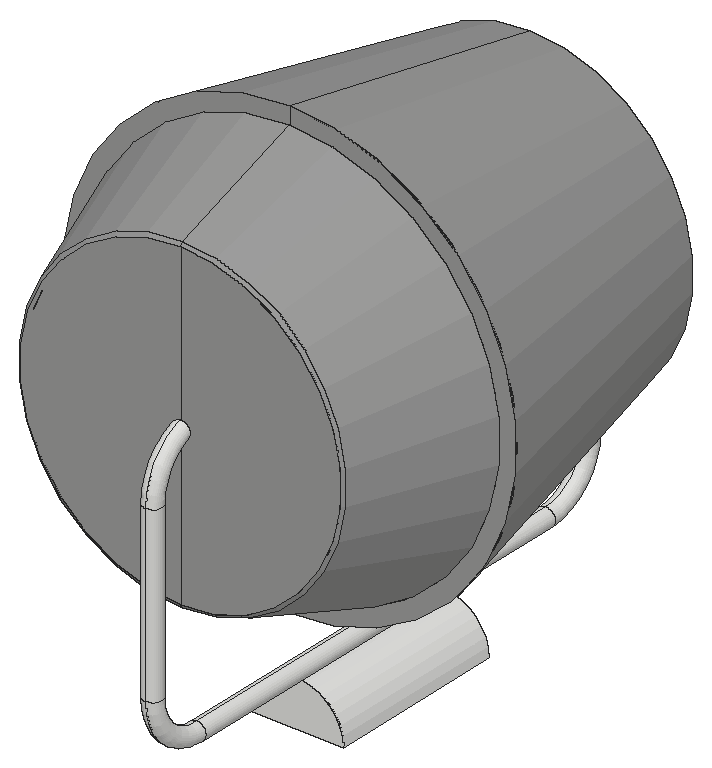
Revit family "Lighting_Wall-Mounted_Zero_Elements_Wall", category Lighting Fixtures, host Face, Revit 2020
Family settings
  Host = Face
  Round Connector Dimension = Use Diameter
  Part Type = Normal
  OmniClass Number = 23.80.70.00
  OmniClass Title = Lighting
  Cut with Voids When Loaded = No
  Light Source = Yes
  Shared = No
  Room Calculation Point = No
Parameters (values of type "E27/Max 42W White w/ cable")
  Youtube clip = ""
  Weight Net (Kg) = "1.7"
  Wattage = 4.77306 W
  WarrantyStartDate [instance] = "n/a"
  WarrantyGuarantorParts = "n/a"
  WarrantyGuarantorLabor = "n/a"
  WarrantyDurationUnit = "Year"
  WarrantyDurationParts = "n/a"
  WarrantyDurationLabor = "n/a"
  WarrantyDescription = "n/a"
  built-in parameter 1150110 = 1 (stored number, unit not read)
  VersionDate = "31/08/2023"  # constant formula
  Version = "3"  # constant formula
  UsageCurrent = 0 A
  Uniformat II Description = ""
  Uniformat II Code = ""
  Uniclass2015Reference = "Pr_70_70_48_85"
  Uniclass2015Description = "Surface luminaires"
  Uniclass2 = "Pr_70_70_49"
  Uniclass 2015 Name = ""
  Uniclass 2015 Code = ""
  Uniclass 2.0 Description = ""
  Uniclass 2.0 Code = ""
  Uniclass 1.4 Description = ""
  Uniclass 1.4 Code = ""
  URL = "https://www.zerolighting.com/elements-inomva/"
  UNSPSC Code = ""
  TotalWattage = 9 W
  built-in parameter 1114217 = 1 (stored number, unit not read)
  Tilt Angle = -90.00°
  built-in parameter 1150109 = 1 (stored number, unit not read)
  built-in parameter 1150134 = 3
  Technical description = ""
  TagNumber [instance] = "n/a"
  SustainabilityPerformance = "n/a"
  built-in parameter 1150113 = 1 (stored number, unit not read)
  Size = "250x320x240 mm"
  Shape = "Sculptured"
  SerialNumber [instance] = "n/a"
  Revision = "5"  # constant formula
  ReplacementCost = "n/a"
  Region South America = "None"
  Region Oceania = "AU, NZ"
  Region North America = "BZ, CR, GT, HN, MX, NI, PA, SV, US"
  Region Middle East = "AE"
  Region Europe = "AD, AL, AT, AX, BA, BE, BG, BY, CH, CY, CZ, DE, DK, EE, ES, FI, FO, FR, GB, GG, GI, GR, HR, HU, IE, IM, IS, IT, JE, LI, LT, LU, LV, MC, MD, ME, MK, MT, NL, NO, PL, PT, RO, RS, RU, SE, SI, SJ, SK, SM, UA, VA"
  Region Asia = "HK, JP, SG"
  Region Antarctica = "None"
  Region Africa = "None"
  ProductInformation = "Elements is a complete family originating from Note Design Studio´s fascination for the Nordic mountains and its light. Dawn, dusk, midnight sun. Glittering lakes, wilderness and flora. Elements simple shapes direct the light and well-balanced materials give the design elasticity and great usability."
  Product group = "Wall fixture"
  Product family = "Elements"
  Product certification = ""
  Product SKU = "Elements_wall_fixture"
  Product Guid = "a15b75e4-9841-4e17-829b-b01444f0d7a7"
  Photometric Web File = "Elements83331.IES"
  PhaseReference = "n/a"
  PhaseAngle = 0.00°
  OmniClass Description = ""
  OmniClass Code = ""
  NumberOfSources = 0
  NumberOfPoles = 1
  NominalVoltageCalc = 0 V
  NominalVoltage = 230 V
  NominalLength = 250 mm
  NominalFrequencyRange = 50 Hz
  NominalCurrent = 0 A
  Nominal width = 250 mm
  Nominal height = 310 mm
  Name = "Zero_Elements_Wall"  # constant formula
  NBSReference = "90-60-50/405"
  NBSDescription = "General purpose luminaires"
  NBS Reference Description = ""
  NBS Reference Code = ""
  Model = "Elements wall E27/Max 42W White with cable"
  Material secondary = "Steel"
  Material main = "Fabric"
  Masterformat 2014 Description = ""
  Masterformat 2014 Code = ""
  Manufacturer name = "ZERO"
  Manufacturer country = "Sweden"
  Manufacturer = "Zero"
  ModelReference = "n/a"
  ModelNumber = ArticleNumber  # "8340-1-01"
  Material = "Fabric"
  ManufacturersSpecificInformation = "n/a"
  ManufacturerURL = "https://www.zerolighting.com/"
  ManufacturerName = "Zero"
  MaintenanceFactor = 0
  built-in parameter 1150105 = 207.41 (stored number, unit not read)
  Lumens = 709 lm
  built-in parameter 1150115 = 1 (stored number, unit not read)
  LightFixtureSecondaryMaterial = White steel
  LightFixturePlacingType = "Wall"
  LightFixtureMountingType = "Surface"
  LightFixtureMainMaterial = Kinnasand Chico White
  built-in parameter 1150137 = (empty or 0)
  built-in parameter 1150139 = (empty or 0)
  LensMaterial = Matt Acrylic
  built-in parameter 1150112 = 1 (stored number, unit not read)
  built-in parameter 1150114 = 1 (stored number, unit not read)
  InsulationStandardClass = "n/a"
  InstallationDate [instance] = "n/a"
  Installation instructions = ""
  built-in parameter 1150132 = 2
  built-in parameter 1150102 = (empty or 0)
  built-in parameter 1150107 = 3200 (stored number, unit not read)
  built-in parameter 1150138 = (empty or 0)
  built-in parameter 1150106 = 2.0741 (stored number, unit not read)
  IfcExportType = "NOTDEFINED"  # constant formula
  IfcExportAs = "IfcLightFixtureType"  # constant formula
  IP_Code = "IP20"
  IFC Classification = ""
  HasProtectiveEarth = no
  Grade = "n/a"
  GTIN code = ""
  Finish = "Shade in fabric"
  Features = "2,5m textile cable with switch and plug"
  ExpectedLife = "n/a"
  Emit from Circle Diameter = 609.6 mm
  Emit Shape Visible in Rendering = no
  ElectricalDeviceNominalPower = 0
  built-in parameter 1150104 = 13.8 (stored number, unit not read)
  Edition number = 1
  EANNumber = "n/a"
  DurationUnit = "Year"
  Dimming Lamp Color Temperature Shift = <None>
  Dimming = "None"
  Designer = "Note Design Studio"
  Design country = "Sweden"
  Default Elevation = 0 mm
  Date of publishing = ""
  Constituents = "n/a"
  Color Filter = 16777215
  Color = "White"
  Collection = "Elements"
  CodePerformance = "n/a"
  Category = "Wall"
  COBIe Type Category = ""
  Brand url = "http://www.zero.se"
  Brand = "Zero"
  Barcode [instance] = "n/a"
  built-in parameter 1114218 = 1 (stored number, unit not read)
  BIMObjectName = "Lighting_Wall-Mounted_Zero_Elements_Wall"  # constant formula
  Author = "BIMstone"  # constant formula
  built-in parameter 1150133 = 10 (stored number, unit not read)
  AssetType = "Fixed"
  AssetIdentifier [instance] = "n/a"
  ArticleNumber = "8340-1-01"
  AccessibilityPerformance = "n/a"
Types (6, lengths in mm): name | Model | ModelNumber | LightFixtureSecondaryMaterial | LightFixtureMainMaterial | Features | Color | ArticleNumber
  E27/Max 42W White | "Elements wall E27/Max 42W White" | "8339-1-01" | White steel | Kinnasand Chico White | "n/a" | "White" | "8339-1-01"
  E27/Max 42W Blue | "Elements wall E27/Max 42W Blue" | "8339-1-08" | Blue Steel | Kvadrat Time Blue 300/683 | "n/a" | "Blue" | "8339-1-08"
  E27/Max 42W Apricot | "Elements wall E27/Max 42W Apricot" | "8339-1-17" | Apricot Steel | Kvadrat Time Apricot 300/643 | "n/a" | "Apricot" | "8339-1-17"
  E27/Max 42W Apricot w/ cable | "Elements wall E27/Max 42W Apricot with cable" | "8340-1-17" | Apricot Steel | Kvadrat Time Apricot 300/643 | "2,5m textile cable with switch and plug" | "Apricot" | "8340-1-17"
  E27/Max 42W Blue w/ cable | "Elements wall E27/Max 42W Blue with cable" | "8340-1-08" | Blue Steel | Kvadrat Time Blue 300/683 | "2,5m textile cable with switch and plug" | "Blue" | "8340-1-08"
  E27/Max 42W White w/ cable | "Elements wall E27/Max 42W White with cable" | "8340-1-01" | White steel | Kinnasand Chico White | "2,5m textile cable with switch and plug" | "White" | "8340-1-01"
Reference planes
  plane 1 "Center (Front/Back)": y = 0
  plane 2: z = 0
  plane 3 "Center (Left/Right)": x = 0
  plane 4: y = 155
  plane 5: y = -155
  plane 6: x = -125
  plane 7: x = 125
  plane 8: z = 310
Forms (mm)
  Extrusion 1, solid, material "Kinnasand Chico White" <- "LightFixtureMainMaterial", detail levels coarse
    sketch origin (0, 0, 0) x (0, 1, 0) y (0, 0, 1)
      loop
        line (155, 310) -> (-155, 310) -> (-155, 0) -> (155, 0) -> (155, 310)
    from -125 to 125
Dimensions and locks
  equal spacing: plane 4, plane 1 "Center (Front/Back)", plane 5
  plane 4 to plane 5 = 310 mm
  equal spacing: plane 6, plane 3 "Center (Left/Right)", plane 7
  "NominalLength": plane 6 to plane 7
  plane 8 to host face = 310 mm
  aligned and locked: plane 2 to host face
  aligned and locked: level to host face
  aligned and locked: plane 8 to Extrusion 1 sketch curve
  aligned and locked: Extrusion 1 sketch curve to level
  aligned and locked: Extrusion 1 to plane 6
  aligned and locked: plane 7 to Extrusion 1
  aligned and locked: plane 4 to Extrusion 1
  aligned and locked: Extrusion 1 to plane 5
  aligned and locked: Extrusion 1 to host face
Automatic sketch dimensions
  host sketch curve to host sketch curve = 2438.4 mm  (x2)
  plane 5 to Extrusion 1 sketch curve = 0 mm
  Extrusion 1 sketch curve to plane 4 = 0 mm
Nested families
  nested 1: "elements_wall" at (0, 0, 0), Lens <- "LensMaterial", Main <- "LightFixtureMainMaterial", Steel <- "LightFixtureSecondaryMaterial", type "elements_wall"
    with Steel White steel, Main Kinnasand Chico White, Lens Matt Acrylic
Connectors
  electrical at (0, 0, 0), driven by "NominalVoltage"
    settings: on Extrusion 1, index 1, voltage 230 V, apparent load 0 VA, apparent load phase1 0 VA, apparent load phase2 0 VA, apparent load phase3 0 VA, power factor 1, load classification "Other", number of poles 1, system type 31, power factor state 1, is connector primary yes, connector utility no, sub classification motor no, connector description ""
Definition of nested family "elements_wall"
  Parameters (values of type "elements_wall")
    Steel [instance] = none
    Main [instance] = none
    Lens [instance] = none
    Default Elevation = 0 mm
  Reference planes
    plane 1 "Center (Front/Back)": y = 0
    plane 2: z = 0
    plane 3 "Center (Left/Right)": x = 0
    plane 4: y = 109.203
    plane 5: x = -125
    plane 6: x = 125
    plane 7: y = 155.086
    plane 8: y = -155.086
  Forms (mm)
    Revolve 1, solid, material <- "Main", detail levels medium+fine
      sketch origin (0.188, -130.797, 185) x (0, 0, -1) y (0, 1, 0)
        loop
          line (0, 0) -> (88.253, 0) -> (90.203, 1.637) -> (115.401, 74.817) -> (125, 74.817) -> (89.441, 240) -> (87.019, 240) -> (87.019, 237) -> (121.285, 77.817) -> (113.261, 77.817) -> (87.5, 3) -> (0, 3) -> (0, 0)
        axis (0, 240) -> (0, 0)
      angle from 0 to 360
    Sweep 2, solid, material <- "Steel", detail levels medium+fine
      path origin (0.188, -1318, 134.5) x (0, 0, -1) y (0, 1, 0)
        loop
          line (-50.486, 1409) -> (-50.486, 1438.009)
          arc (-50.486, 1438.009) -> (-41.7, 1459.218) -> (-20.488, 1468) r 29.991
          line (-20.488, 1468) -> (74.543, 1468)
          arc (74.543, 1468) -> (95.743, 1459.211) -> (104.504, 1438) r 29.961
          line (104.504, 1438) -> (104.504, 1198)
          arc (104.504, 1198) -> (95.717, 1176.787) -> (74.504, 1168) r 30
          line (74.504, 1168) -> (-20.488, 1168)
          arc (-20.488, 1168) -> (-41.72, 1176.784) -> (-50.542, 1198) r 30.054
          line (-50.542, 1198) -> (-50.542, 1225.974)
      profile origin (0.188, 105.504, 184.986) x (0, 0, 1) y (1, 0, 0)
        loop
          circle (0, 0) r 5
    Extrusion 3, solid, material <- "Lens", detail levels medium+fine
      sketch origin (0.188, -1318, 134.5) x (0, 0, -1) y (-1, 0, 0)
        loop
          line (-50.542, 5.016) -> (36.374, 5.016)
          arc (36.374, 5.016) -> (-53.009, 86.982) -> (-137.519, 0) r 87.019
          arc (-137.519, 0) -> (-53.001, -86.983) -> (36.375, -5) r 87.019
          line (36.375, -5) -> (-50.542, -5)
          arc (-50.542, -5) -> (-55.55, 0.008) -> (-50.542, 5.016) r 5.008
      from 1424.203 to 1427.203
    Extrusion 4, solid, material <- "Steel", detail levels medium+fine
      sketch origin (0, 0, 0) x (1, 0, 0) y (0, 0, 1)
        loop
          line (-25, 0) -> (25, 0)
          arc (25, 0) -> (0, 25) -> (-25, 0) r 25
      from -50 to 50
  Lines and regions (mm)
    symbolic lines, detail levels fine
      curve 1: line (0.188, 109.203, 0) -> (-4.827, 109.203, 0)
      curve 3: line (0.188, -55.98, 0) -> (-114.899, -55.98, 0)
      curve 5: line (0.188, -130.797, 0) -> (-4.827, -130.797, 0)
      curve 13: line (5.188, 109.203, 0) -> (0.188, 109.203, 0)
      curve 15: arc (0.188, 0, 300.401) -> (-115.184, 0, 187.568) -> (-4.945, 0, 69.713) r 115.401
      curve 16: arc (0.188, 0, 275.203) -> (-89.976, 0, 187.667) -> (-5.144, 0, 94.954) r 90.203
      curve 17: arc (0.188, 0, 273.253) -> (88.407, 0, 187.434) -> (5.055, 0, 96.882) r 88.253
      curve 20: line (-4.945, 0, 184.506) -> (-4.945, 0, 96.897)
      curve 21: line (5.055, 0, 184.506) -> (5.055, 0, 96.882)
      curve 22: arc (5.055, 0, 184.506) -> (0.055, 0, 189.506) -> (-4.945, 0, 184.506) r 5
      curve 23: line (-4.945, 0, 96.897) -> (-4.945, 0, 69.713)
      curve 24: line (5.055, 0, 96.882) -> (5.055, 0, 94.928)
      curve 25: line (5.055, 0, 94.928) -> (5.055, 0, 69.701)
      curve 26: arc (5.055, 0, 94.928) -> (90.359, 0, 187.434) -> (0.188, 0, 275.203) r 90.203
      curve 27: arc (-4.945, 0, 96.897) -> (-88.027, 0, 187.568) -> (0.188, 0, 273.253) r 88.253
      curve 28: line (-4.945, 0, 69.713) -> (-4.945, 0, 60.105)
      curve 29: line (5.055, 0, 69.701) -> (5.055, 0, 60.095)
      curve 30: arc (5.055, 0, 69.701) -> (115.564, 0, 187.434) -> (0.188, 0, 300.401) r 115.401
      curve 35: arc (5.055, 0, 24.484) -> (0.056, 0, 25) -> (-4.945, 0, 24.506) r 25
      curve 36: line (0, -55.98, 60) -> (0, -55.98, 300.087)
      curve 37: line (0, 109.203, 95.559) -> (0, 109.203, 180.231)
      curve 38: line (0, -130.797, 96.747) -> (0, -130.797, 177.547)
      curve 42: line (0, -130.797, 96.747) -> (0, -129.16, 95.11)
      curve 43: line (0, -129.16, 95.11) -> (0, -55.98, 69.913)
      curve 44: line (0, 109.203, 95.559) -> (0, -55.98, 60)
      curve 49: line (0, -50, 25) -> (0, 50, 25)
      curve 53: line (0, -145.086, 155) -> (0, -145.086, 60)
      curve 54: line (0, 120.086, 35) -> (0, -120.086, 35)
      curve 55: arc (0, -120.086, 35) -> (0, -137.763, 42.322) -> (0, -145.086, 60) r 25
      curve 58: line (0, 145.086, 155) -> (0, 145.086, 60)
      curve 59: arc (0, 120.086, 35) -> (0, 137.763, 42.322) -> (0, 145.086, 60) r 25
      curve 60: arc (0, -130.797, 177.547) -> (0, -141.213, 168.347) -> (0, -145.086, 155) r 24.934
      curve 62: arc (0, 119.855, 180.231) -> (0, 137.696, 172.841) -> (0, 145.086, 155) r 25.231
      curve 64: line (0, 119.855, 180.231) -> (0, 109.203, 180.231)
      curve 67: line (0, 109.203, 180.231) -> (0, 109.203, 189.83)
      curve 68: line (0, -130.797, 177.547) -> (0, -130.797, 188.654)
      curve 76: line (115.276, -55.98, 0) -> (0.188, -55.98, 0)
      curve 81: line (5.188, -130.797, 0) -> (0.188, -130.797, 0)
    symbolic lines, detail levels medium+fine
      curve 2: line (89.63, 109.203, 0) -> (5.188, 109.203, 0)
      curve 4: line (125.188, -55.98, 0) -> (115.276, -55.98, 0)
      curve 6: line (88.441, -130.797, 0) -> (5.188, -130.797, 0)
      curve 7: line (-124.812, -55.98, 0) -> (-89.253, 109.203, 0)
      curve 8: line (89.63, 109.203, 0) -> (125.188, -55.98, 0)
      curve 9: line (-4.827, 109.203, 0) -> (-4.827, 150.204, 0)
      curve 10: line (5.188, 109.203, 0) -> (5.188, 150.204, 0)
      curve 11: arc (-4.827, 150.204, 0) -> (0.18, 155.212, 0) -> (5.188, 150.204, 0) r 5.008
      curve 12: line (-4.827, 109.203, 0) -> (-89.253, 109.203, 0)
      curve 14: arc (0.188, 0, 310) -> (-124.785, 0, 187.567) -> (-4.945, 0, 60.105) r 125
      curve 18: arc (25, 0, 0) -> (19.383, 0, 15.79) -> (5.055, 0, 24.484) r 25
      curve 19: line (-25, 0, 0) -> (25, 0, 0)
      curve 31: line (5.055, 0, 60.095) -> (5.055, 0, 24.484)
      curve 32: arc (5.055, 0, 60.095) -> (125.165, 0, 187.434) -> (0.188, 0, 310) r 125
      curve 33: line (-4.945, 0, 60.105) -> (-4.945, 0, 24.506)
      curve 34: arc (-4.945, 0, 24.506) -> (-19.347, 0, 15.833) -> (-25, 0, 0) r 25
      curve 39: line (0, 109.203, 274.441) -> (0, -55.98, 310)
      curve 40: line (0, -130.797, 273.253) -> (0, -129.16, 274.89)
      curve 41: line (0, -129.16, 274.89) -> (0, -55.98, 300.087)
      curve 45: line (0, 50, 0) -> (0, 50, 25)
      curve 46: line (0, -50, 0) -> (0, 50, 0)
      curve 47: line (0, -50, 25) -> (0, -50, 0)
      curve 48: line (0, -50, 25) -> (0, -120.086, 25)
      curve 50: line (0, 50, 25) -> (0, 120.086, 25)
      curve 51: line (0, -155.086, 155) -> (0, -155.086, 60)
      curve 52: arc (0, -120.086, 25) -> (0, -144.834, 35.251) -> (0, -155.086, 60) r 35
      curve 56: line (0, 155.086, 155) -> (0, 155.086, 60)
      curve 57: arc (0, 120.086, 25) -> (0, 144.834, 35.251) -> (0, 155.086, 60) r 35
      curve 61: arc (0, -130.797, 188.654) -> (0, -148.379, 175.752) -> (0, -155.086, 155) r 35.46
      curve 63: arc (0, 119.855, 189.83) -> (0, 144.742, 179.771) -> (0, 155.086, 155) r 34.833
      curve 65: line (0, 119.855, 189.83) -> (0, 109.203, 189.83)
      curve 66: line (0, 109.203, 189.83) -> (0, 109.203, 274.441)
      curve 69: line (0, -130.797, 188.654) -> (0, -130.797, 273.253)
      curve 70: line (0, -55.98, 300.087) -> (0, -55.98, 310)
      curve 71: line (-88.064, -130.797, 0) -> (-89.701, -129.16, 0)
      curve 72: line (-89.701, -129.16, 0) -> (-114.899, -55.98, 0)
      curve 73: line (88.441, -130.797, 0) -> (90.078, -129.16, 0)
      curve 74: line (90.078, -129.16, 0) -> (115.276, -55.98, 0)
      curve 75: line (-114.899, -55.98, 0) -> (-124.812, -55.98, 0)
      curve 77: arc (-4.827, -150.204, 0) -> (0.18, -155.212, 0) -> (5.188, -150.204, 0) r 5.008
      curve 78: line (-4.827, -130.797, 0) -> (-4.827, -150.204, 0)
      curve 79: line (5.188, -130.797, 0) -> (5.188, -150.204, 0)
      curve 80: line (-4.827, -130.797, 0) -> (-88.064, -130.797, 0)
  Dimensions and locks
    equal spacing: plane 5, plane 3 "Center (Left/Right)", plane 6
    plane 5 to plane 6 = 250 mm
    equal spacing: plane 7, plane 1 "Center (Front/Back)", plane 8
    plane 7 to plane 8 = 310.171 mm
    aligned and locked: level to plane 2
    aligned and locked: curve 2 to Revolve 1
    aligned and locked: curve 3 to Revolve 1
    aligned and locked: curve 4 to Revolve 1
    aligned and locked: curve 5 to Revolve 1
    aligned and locked: curve 6 to Revolve 1
    aligned and locked: curve 14 to Revolve 1
    aligned and locked: curve 15 to Revolve 1
    aligned and locked: curve 16 to Revolve 1
    aligned and locked: curve 17 to Revolve 1
    aligned and locked: curve 18 to Extrusion 4
    aligned and locked: curve 19 to Extrusion 4
    aligned and locked: curve 36 to Revolve 1
    aligned and locked: curve 37 to Revolve 1
    aligned and locked: curve 38 to Revolve 1
    aligned and locked: curve 45 to Extrusion 4
    aligned and locked: curve 46 to Extrusion 4
    aligned and locked: curve 47 to Extrusion 4
  Automatic sketch dimensions
    curve 52 to curve 55 = 0 mm  (x2)
    curve 57 to curve 59 = 0 mm  (x2)
    curve 51 to plane 8 = 0 mm
    curve 47 to level = 0 mm
    curve 56 to plane 7 = 0 mm
    plane 8 to curve 53 = 10 mm
    plane 8 to curve 38 = 24.288 mm
    curve 38 to curve 42 = 1.637 mm
    curve 40 to curve 40 = 1.637 mm  (x2)
    curve 53 to curve 60 = 24.934 mm
    plane 8 to curve 48 = 35 mm
    curve 60 to curve 61 = 0.526 mm
    plane 1 "Center (Front/Back)" to curve 39 = 55.98 mm
    plane 1 "Center (Front/Back)" to curve 47 = 50 mm
    curve 46 to plane 1 "Center (Front/Back)" = 50 mm
    curve 44 to plane 7 = 45.883 mm
    curve 62 to curve 62 = 25.231 mm
    curve 65 to curve 64 = 0 mm
    level to curve 50 = 25 mm
    curve 50 to plane 7 = 35 mm
    curve 62 to curve 63 = 0.398 mm
    curve 47 to curve 44 = 35 mm
    curve 55 to curve 42 = 35.11 mm
    curve 57 to curve 44 = 35.559 mm
    curve 42 to curve 38 = 1.637 mm
    curve 38 to curve 53 = 58.253 mm
    curve 37 to curve 56 = 59.441 mm
    curve 62 to curve 63 = 0 mm
    curve 60 to curve 61 = 0 mm
    curve 68 to curve 40 = 84.598 mm
    curve 65 to curve 39 = 84.611 mm
    curve 40 to curve 70 = 25.198 mm
    curve 36 to curve 70 = 9.913 mm
    curve 36 to curve 43 = 9.913 mm
    curve 14 to curve 26 = 0 mm
    curve 14 to curve 27 = 0 mm
    curve 14 to curve 30 = 0 mm
    curve 14 to curve 32 = 0 mm
    curve 18 to curve 34 = 0 mm
    curve 18 to curve 35 = 0 mm  (x2)
    curve 28 to plane 3 "Center (Left/Right)" = 4.945 mm
    plane 3 "Center (Left/Right)" to curve 22 = 0.055 mm
    curve 20 to curve 15 = 0.494 mm
    curve 16 to curve 20 = 0.198 mm
    plane 5 to curve 75 = 0.188 mm
    curve 7 to curve 75 = 9.913 mm
    plane 5 to curve 71 = 35.299 mm
    plane 5 to curve 12 = 35.747 mm
    curve 71 to curve 80 = 1.637 mm
    curve 78 to plane 3 "Center (Left/Right)" = 4.827 mm
    curve 12 to plane 3 "Center (Left/Right)" = 4.827 mm
    plane 3 "Center (Left/Right)" to curve 11 = 0.18 mm
    plane 3 "Center (Left/Right)" to curve 77 = 0.18 mm
    plane 3 "Center (Left/Right)" to curve 3 = 0.188 mm
    plane 3 "Center (Left/Right)" to curve 81 = 0.188 mm
    plane 3 "Center (Left/Right)" to curve 13 = 0.188 mm
    curve 73 to plane 6 = 36.559 mm
    curve 2 to plane 6 = 35.37 mm
    curve 6 to curve 74 = 1.637 mm
    curve 4 to plane 6 = 9.724 mm
    plane 6 to curve 8 = 0.188 mm
    plane 8 to curve 77 = 4.881 mm
    curve 6 to curve 73 = 1.637 mm
    curve 80 to curve 72 = 1.637 mm
    curve 11 to plane 7 = 4.881 mm
    Revolve 1 sketch curve to plane 4 = 0 mm
    plane 8 to Revolve 1 sketch curve = 24.288 mm
    level to Revolve 1 sketch curve = 185 mm
    Revolve 1 sketch curve to plane 4 = 3 mm
    level to Revolve 1 sketch curve = 97.981 mm
    plane 8 to Revolve 1 sketch curve = 27.288 mm
    Revolve 1 sketch curve to Revolve 1 sketch curve = 87.5 mm
    Revolve 1 sketch curve to Revolve 1 sketch curve = 0.753 mm
    Revolve 1 sketch curve to Revolve 1 sketch curve = 2.423 mm
    plane 8 to Revolve 1 sketch curve = 25.925 mm
    Revolve 1 sketch curve to Revolve 1 sketch curve = 1.951 mm
    level to Revolve 1 sketch curve = 71.739 mm
    Revolve 1 sketch curve to Revolve 1 sketch curve = 2.14 mm
    Revolve 1 sketch curve to Revolve 1 sketch curve = 5.884 mm
    Revolve 1 sketch curve to Revolve 1 sketch curve = 3.715 mm
    plane 1 "Center (Front/Back)" to Revolve 1 sketch curve = 55.98 mm
    Revolve 1 sketch curve to Revolve 1 sketch curve = 3 mm
    Revolve 1 sketch curve to Revolve 1 sketch curve = 0 mm  (x2)
    Revolve 1 sketch curve to plane 4 = 4.6 mm
    plane 8 to Sweep 2 sketch curve = 35.085 mm
    level to Sweep 2 sketch curve = 185.042 mm
    Sweep 2 sketch curve to plane 7 = 35.077 mm
    level to Sweep 2 sketch curve = 184.986 mm
    Sweep 2 sketch curve to Sweep 2 sketch curve = 29.991 mm
    plane 8 to Sweep 2 sketch curve = 5.085 mm
    Sweep 2 sketch curve to Sweep 2 sketch curve = 30.054 mm
    Sweep 2 sketch curve to plane 7 = 5.085 mm
    level to Sweep 2 sketch curve = 59.996 mm
    Sweep 2 sketch curve to plane 7 = 35.046 mm
    level to Sweep 2 sketch curve = 59.957 mm
    Sweep 2 sketch curve to Sweep 2 sketch curve = 29.961 mm
    Sweep 2 sketch curve to Sweep 2 sketch curve = 27.974 mm
    Sweep 2 sketch curve to Sweep 2 sketch curve = 29.009 mm
    Sweep 2 sketch curve to profile plane = 0 mm  (x2)
    Extrusion 3 sketch curve to Extrusion 3 sketch curve = 0 mm  (x2)
    plane 3 "Center (Left/Right)" to Extrusion 3 sketch curve = 5.188 mm
    level to Extrusion 3 sketch curve = 185.042 mm
    Extrusion 3 sketch curve to Extrusion 3 sketch curve = 0.042 mm
    Extrusion 3 sketch curve to plane 3 "Center (Left/Right)" = 4.827 mm
    Extrusion 3 sketch curve to Extrusion 3 sketch curve = 86.916 mm
    Extrusion 3 sketch curve to Extrusion 3 sketch curve = 0.001 mm
    Extrusion 4 sketch curve to level = 0 mm
    Extrusion 4 sketch curve to plane 3 "Center (Left/Right)" = 0 mm
    Extrusion 4 sketch curve to plane 3 "Center (Left/Right)" = 25 mm
    radius of Sweep 2 sketch curve = 5 mm
